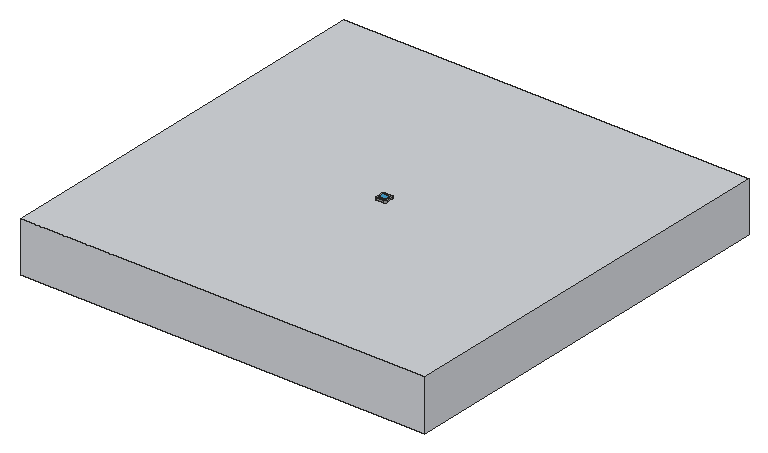
Revit family "2CKA006410A0397", category Elektroinstallationen, Revit 2017
Family settings
  Basisbauteil = Fläche
  Beschriftungsausrichtung beibehalten = Nein
  Bemaßung runder Anschluss = Durchmesser verwenden
  Teiletyp = Normal
  Beim Laden mit Abzugskörper schneiden = Nein
  Gemeinsam genutzt = Nein
  Raumberechnungspunkt = Nein
Parameters
  Zusammenstellung = "Bedienaufsatz"
  Zufallsgenerator = yes
  White = White
  Werkstoffgüte = "Thermoplast"
  Werkstoff = "Kunststoff"
  URL = "https://www.busch-jaeger.de/"
  Typname = "Komfort-Timer-Bedienelement, Zeitschaltuhren, Busch-Timer"
  TYPE = "6455-101"
  Sonnenschutzwert einstellbar [lx] = "[5000:50000]"
  Produktseite = "https://media.live.bim.site/t/eyJhbGciOiJIUzI1NiIsInR5cCI6IkpXVCJ9.eyJjdCI6MiwidHUiOiJodHRwOi8vYnVzY2gtamFlZ2VyLWthdGFsb2cuZGUvNjQxMC0wLTAzOTcsYXJ0aWtlbC5odG1sIiwiY2lkIjoiZmVkOThlOWEtMWJkOC00YzY4LWE3M2ItNzRhOTRlMzE1ODIzIiwicmlkIjoiODdmZDdkMzBlYjcyMzQ5NjE1OGQ2NGE3YmYyOGIyYWIiLCJwaWQiOiJhYWYyYTFjMTA4OTA0OTUwODhiMzI0MjQ3ODY0M2FiNzY5Mjg4YjY1Iiwic2lkIjoiNjM3MzIiLCJ1dCI6MSwibGMiOiJkZSIsImlhdCI6MTU4MjE5NTk0MiwiaXNzIjoiaHR0cHM6Ly9hcGkubGl2ZS5iaW0uc2l0ZSIsInN1YiI6ImY1ODZjNGI2LWE1MDgtNDI3YS05ODE4LTEzMTc5NjY1NzZiYyJ9.zAchXvDqKz5_b0m7JimxYapcDzJc9YHptSaPDHSXIMY"
  Oberfläche = "unbehandelt"
  Montageart = "Unterputz"
  Mit Astro-Programm = yes
  Ist Zubehör = no
  Ist System = no
  Integrierte Zeitschaltuhr = yes
  Hersteller = "Busch-Jaeger"
  HeinzeBIM = "https://www.heinze.de/bim/komfort-timer-bedienelement-zeitschaltuhren-busch-timer/aaf2a1c10890495088b3242478643ab769288b65"
  Halogenfrei = yes
  HAN = "2CKA006410A0397"
  Glass = Glass
  Default Elevation = 1219.2 mm
  Gewicht [kg/m] = 0.062
  Gerätehöhe [mm] = 63
  Gerätebreite [mm] = 63
  Geeignet für Schutzart (IP) = "IP20"
  Gangreserve [s] = 226800000
  GTIN = "4011395186619"
  Dämmerungswert einstellbar [lx] = "[15:300]"
  Datenblatt = "https://media.live.bim.site/t/eyJhbGciOiJIUzI1NiIsInR5cCI6IkpXVCJ9.eyJjdCI6MSwidGYiOiJwdWJsaWMvYnVzY2gtamFlZ2VyL2VhZjFmM2IvMkNLQTAwNjQxMEEwMzk3X1JPSFNfMjAxOV8xMF8wNy5wZGYiLCJjaWQiOiJmZWQ5OGU5YS0xYmQ4LTRjNjgtYTczYi03NGE5NGUzMTU4MjMiLCJyaWQiOiI4N2ZkN2QzMGViNzIzNDk2MTU4ZDY0YTdiZjI4YjJhYiIsInBpZCI6ImFhZjJhMWMxMDg5MDQ5NTA4OGIzMjQyNDc4NjQzYWI3NjkyODhiNjUiLCJzaWQiOiI2MzczMiIsInV0IjoxLCJsYyI6ImRlIiwiaWF0IjoxNTgyMTk1OTQyLCJpc3MiOiJodHRwczovL2FwaS5saXZlLmJpbS5zaXRlIiwic3ViIjoiZjU4NmM0YjYtYTUwOC00MjdhLTk4MTgtMTMxNzk2NjU3NmJjIn0.HqL-4unEEMcdG9t2L19lRGDFVM49A0BfG4wedYRrI9w/2CKA006410A0397_ROHS_2019_10_07.pdf"
  Beschreibung = "Komfort-Timer-Bedienelement, Zeitschaltuhren, Busch-Timer, Komfort-Timer-Bedienelement Für manuelles und zeitgesteuertes Schalten von Rollläden, Jalousien, Markisen, Beleuchtungen, elektrischen Verbrauchern. Mit Astroprogramm. Individuelle Astroverschiebung und Astrosperrzeit. Manuelle Bedienung der Beschattung / Beleuchtung jederzeit möglich. Einfache Einstellung über hochauflösendes Display mit Hintergrundbeleuchtung. Schaltzeiten/Datum/Uhrzeit voreingestellt. Ab Werk voreingestellte Schaltzeiten, individuelle Anpassung möglich. Automatische Sommer-/Winterzeitumstellung (abschaltbar). Schaltzeiten/Programm sind netzausfallsicher gespeichert. Gangreserve für Uhrzeit und Datum > 10 Jahre. Einfache Umschaltung für Hand-/Automatik-/Urlaubsbetrieb. In Kombination mit Busch-Jalousiecontroleinsatz II 6411 U/S-101 Sonnenschutz- und Dämmerungsfunktion. Frei einstellbare temperatur- und helligkeitsabhängige Sonnenschutzfunktion. Frei einstellbare Dämmerungsfunktion. Frei einstellbare Laufzeiten für Beschattung und Lüftung. Programmierung nur mit aufgestecktem Bedienelement unter Spannung möglich. 6 Schaltzeiten pro Tag für jeden Wochentag frei einstellbar. Astro-Schaltzeiten und Schaltzeiten sind kombinierbar. In Kombination mit LED-Dimmer 6524 U, Busch-Universal-Zentraldimmer Einsatz 6593 U oder Busch-Memory-Taststeuergerät 6550 U-101 ist die Helligkeit der Beleuchtung für jede EIN-Schaltzeit einstellbar. Für Busch-Jalousiecontrol II Einsatz 6411 U-101, 6411 U/S-101. Für Busch-Universal-Relais-Einsatz 6401 U-102. Für Busch-Universal-Zentraldimmer Einsatz 6593 U. Für LED-Dimmer-Einsatz 6524 U und 6526 U. Für Busch-Memory-Taststeuergerät 6550 U-101. Temperaturbereich Gerät: 0 °C bis 35 °C"
  Befestigungsart = "Klemmbefestigung"
  BIMSITE_PRODUCT_ID = "aaf2a1c10890495088b3242478643ab769288b65"
  BIM = "https://media.live.bim.site/t/eyJhbGciOiJIUzI1NiIsInR5cCI6IkpXVCJ9.eyJjdCI6MSwidGYiOiJwdWJsaWMvYnVzY2gtamFlZ2VyL2VhZjFmM2IvMkNLQTAwNjQxMEEwMzk3LnJmYSIsImNpZCI6ImZlZDk4ZTlhLTFiZDgtNGM2OC1hNzNiLTc0YTk0ZTMxNTgyMyIsInJpZCI6Ijg3ZmQ3ZDMwZWI3MjM0OTYxNThkNjRhN2JmMjhiMmFiIiwicGlkIjoiYWFmMmExYzEwODkwNDk1MDg4YjMyNDI0Nzg2NDNhYjc2OTI4OGI2NSIsInNpZCI6IjYzNzMyIiwidXQiOjUsImxjIjoiZGUiLCJpYXQiOjE1ODIxOTU5NDIsImlzcyI6Imh0dHBzOi8vYXBpLmxpdmUuYmltLnNpdGUiLCJzdWIiOiJmNTg2YzRiNi1hNTA4LTQyN2EtOTgxOC0xMzE3OTY2NTc2YmMifQ.CWh4hVH_kfPX3qntsggvzi9IzSD1xELSLbjZuV-tJCQ/2CKA006410A0397.rfa"
  Aussperrsicherung = yes
Reference planes
  plane 1 "Center (Front/Back)": y = 0
  plane 2: z = 0
  plane 3 "Center (Left/Right)": x = 0
Forms (mm)
  Extrusion 1, solid
    sketch origin (0, 0, 0) x (1, 0, 0) y (0, 1, 0)
      loop
        line (-1219.2, 1219.2) -> (-1219.2, -1219.2) -> (1219.2, -1219.2) -> (1219.2, 1219.2) -> (-1219.2, 1219.2)
    from 0 to -304.8
  Extrusion 2, solid, material "Glass" <- "Glass", detail levels medium+fine
    sketch origin (0, 0, 0) x (1, 0, 0) y (0, 1, 0)
      loop
        line (-20, 14.8) -> (-20, -14.8)
        arc (-20, -14.8) -> (-19.649, -15.649) -> (-18.8, -16) r 1.2
        line (-18.8, -16) -> (19.8, -16)
        arc (19.8, -16) -> (20.649, -15.649) -> (21, -14.8) r 1.2
        line (21, -14.8) -> (21, 14.8)
        arc (21, 14.8) -> (20.649, 15.649) -> (19.8, 16) r 1.2
        line (19.8, 16) -> (-18.8, 16)
        arc (-18.8, 16) -> (-19.649, 15.649) -> (-20, 14.8) r 1.2
    from 8.5 to 11
  Extrusion 3, solid, material "White" <- "White", detail levels medium+fine
    sketch origin (0, 0, 0) x (1, 0, 0) y (0, 1, 0)
      loop
        line (-26, 26) -> (-26, -26) -> (26, -26) -> (26, 26) -> (-26, 26)
    from 0 to -28.4
  Extrusion 4, solid, material "White" <- "White", detail levels fine
    sketch origin (0, 0, 0) x (1, 0, 0) y (0, 1, 0)
      loop
        arc (-31.5, -20.5) -> (-28.278, -28.278) -> (-20.5, -31.5) r 11
        line (-20.5, -31.5) -> (20.5, -31.5)
        arc (20.5, -31.5) -> (28.278, -28.278) -> (31.5, -20.5) r 11
        line (31.5, -20.5) -> (31.5, 20.5)
        arc (31.5, 20.5) -> (28.278, 28.278) -> (20.5, 31.5) r 11
        line (20.5, 31.5) -> (-20.5, 31.5)
        arc (-20.5, 31.5) -> (-28.278, 28.278) -> (-31.5, 20.5) r 11
        line (-31.5, 20.5) -> (-31.5, -20.5)
    from 0 to 8.5
  Extrusion 5, solid, material "White" <- "White", detail levels medium
    sketch origin (0, 0, 0) x (1, 0, 0) y (0, 1, 0)
      loop
        line (-31.5, -31.5) -> (31.5, -31.5) -> (31.5, 31.5) -> (-31.5, 31.5) -> (-31.5, -31.5)
    from 0 to 8.5
  Extrusion 6, solid, material "White" <- "White", detail levels coarse
    sketch origin (0, 0, 0) x (1, 0, 0) y (0, 1, 0)
      loop
        line (31.5, 31.5) -> (-31.5, 31.5) -> (-31.5, -31.5) -> (31.5, -31.5) -> (31.5, 31.5)
    from -28.4 to 11
Lines and regions (mm)
  reference lines
    curve 1: line (0, 31.5, 0) -> (0, -31.5, 0)
Dimensions and locks
  aligned and locked: plane 2 to Extrusion 1
  aligned and locked: level to Extrusion 1
Connectors
  electrical at (0, 0, -28.4)
    settings: on Extrusion 6, index 1, voltage 230 V, apparent load 0 VA, apparent load phase1 0 VA, apparent load phase2 0 VA, apparent load phase3 0 VA, power factor 1, load classification "Other", number of poles 1, system type 30, power factor state 1, is connector primary yes, connector utility no, sub classification motor no, connector description ""
